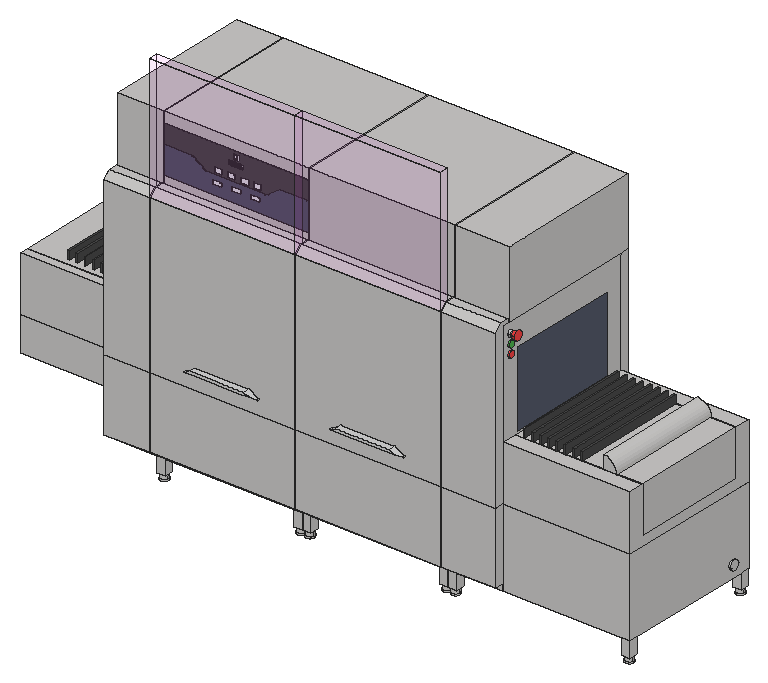
Revit family "QF_ELECTROLUXPROFESSIONAL_520731_EFTD052EL1U1M5L385AU", category Attrezzature speciali, Revit 2020
Family settings
  Quota connettore circolare = Usa diametro
  Tipo di parte = Normale
  Basato su piano di lavoro = No
  Sempre verticale = Sì
  Taglio con vuoti quando caricato = No
  Condiviso = No
  Punto di calcolo locali = No
Parameters (values of type "Standard")
  Weight = 663.00 kg
  Watts = 36500 W
  Volts = 380 V
  URL Manufacturer = "https://www.electroluxprofessional.com/"
  URL = "https://www.electroluxprofessional.com/"
  Steam Supply Size = 0 mm
  Steam Supply Minimum Pressure = 0.0 Pa
  Steam Supply Maximum Pressure = 0.0 Pa
  Steam Consumption per Hour = 0
  Show Logo [instance] = yes
  Show Clearance [instance] = yes
  Refrigeration Suction Line Size = 0 mm
  Refrigeration Liquid Line Size = 0 mm
  Refrigerant Compressor Remote = yes
  Prospetto di default = 0 mm
  Produttore = "Electrolux Professional"
  Phase = 3
  Modello = "EFTD052EL1U1M5L385AU"
  Length Actual = 3350 mm  # constant formula
  Item Number = "520731"
  Hot Water Size = 0 mm
  Height Actual = 1737 mm  # constant formula
  HP = "48.9 HP"
  Gas Size = 0 mm
  Gas KW = 0
  Gas Input Pressure = 0 W
  Direct Waste Size = 50.8 mm
  Descrizione = "FT, 1TANK, 5200D/H, EL., 750MM LOADING, 1000MM UNLOADING, 55MM CONVEYOR,L>R,380V50HZ3P,AUS"
  Depth Actual = 946 mm  # constant formula
  Cycle = 50 Hz
  Condensate Return Size = 0 mm
  Compressed Air Volume = 0.0 L/s
  Compressed Air Size = 0 mm
  Compressed Air Pressure = 0.0 Pa
  Cold Water Size = 0 mm
  Accessory = yes
Reference planes
  plane 1 "Centro (Fronte/Retro)": y = 0
  plane 2: z = 0
  plane 3 "Centro (Sinistra/Destra)": x = 0
  plane 4: z = 115
Forms (mm)
  Extrusion 1, solid, material "QF_Finishes_Stainless Steel"
    sketch origin (432.404, 2, 1806.023) x (1, 0, 0) y (0, 0, 1)
      loop
        line (407.596, -163.023) -> (407.596, -183.023) -> (427.596, -183.023) -> (427.596, -163.023) -> (407.596, -163.023)
    from 0 to 2
  Extrusion 2, solid, material "QF_Finishes_Stainless Steel"
    sketch origin (3355.617, -934.464, 1290.159) x (0, 0, -1) y (0, -1, 0)
      loop
        circle (1102.159, -772.464) r 25
    from -9.383 to 5.617
  Extrusion 3, solid, material "QF_Finishes_Stainless Steel"
    sketch origin (1092.404, 2, 337.984) x (1, 0, 0) y (0, 0, 1)
      loop
        line (407.596, -163.023) -> (407.596, -183.023) -> (427.596, -183.023) -> (427.596, -163.023) -> (407.596, -163.023)
    from 0 to 2
  Extrusion 4, solid, material "QF_Finishes_Stainless Steel"
    sketch origin (1597.841, 200.464, 109.383) x (1, 0, 0) y (0, 1, 0)
      loop
        circle (1102.159, -772.464) r 10
    from -9.383 to 5.617
Dimensions and locks
  plane 4 to level = 115 mm
  aligned and locked: level to plane 2
Nested families
  nested 1: "MODULO_CENTER_800" at (1133.563, -388.258, 0), Show Clearance <- "Show Clearance", type "MODULO_CENTER_800"
    with Show Logo yes, Show Clearance yes, R_L no, L_R yes
  nested 2: "MODULO_ENTRY_DISH_750" at (358.563, -388.258, 0), type "MODULO_ENTRY_DISH_750"
    with Show Logo yes, Show Clearance yes, R_L no, L_R yes
  nested 3: "MODULO_USCITA_DISH_1000" at (2708.563, -388.258, 0), type "MODULO_USCITA_DISH_1000"
    with Show Logo yes, Show Clearance yes, R_L yes, L_R no
  nested 4: "Piedino_Square_115H" at (3326.5, -73.5, 0) x (-1, 0, 0) z (0, 0, 1), type "Piedino_Square_115H"
  nested 5: "Piedino_Square_115H" at (3326.5, -838.5, 0) x (-1, 0, 0) z (0, 0, 1), type "Piedino_Square_115H"
  nested 6: "Piedino_Square_115H" at (2373.5, -73.5, 0) x (-1, 0, 0) z (0, 0, 1), type "Piedino_Square_115H"
  nested 7: "Piedino_Square_115H" at (2373.5, -838.5, 0) x (-1, 0, 0) z (0, 0, 1), type "Piedino_Square_115H"
  nested 8: "Piedino_Square_115H" at (1573.5, -838.5, 0), type "Piedino_Square_115H"
  nested 9: "Piedino_Square_115H" at (1573.5, -73.5, 0), type "Piedino_Square_115H"
  nested 10: "Piedino_Square_115H" at (2326.5, -838.5, 0), type "Piedino_Square_115H"
  nested 11: "Piedino_Square_115H" at (2326.5, -73.5, 0), type "Piedino_Square_115H"
  nested 12: "Piedino_Square_115H" at (773.5, -838.5, 0), type "Piedino_Square_115H"
  nested 13: "Piedino_Square_115H" at (773.5, -73.5, 0), type "Piedino_Square_115H"
  nested 14: "Piedino_Square_115H" at (1526.5, -838.5, 0), type "Piedino_Square_115H"
  nested 15: "Piedino_Square_115H" at (1526.5, -73.5, 0), type "Piedino_Square_115H"
  nested 16: "MANIGLIA_FLIGHT_400" at (1150, -912, 639.28) x (1, 0, 0) z (0, -1, 0), type "MANIGLIA_FLIGHT_400"
  nested 17: "MANIGLIA_FLIGHT_400" at (1950, -912, 639.28) x (1, 0, 0) z (0, -1, 0), type "MANIGLIA_FLIGHT_400"
  nested 18: "MODULO_CENTER_800" at (1966.437, -388.258, 0) x (-1, 0, 0) z (0, 0, 1), Show Clearance <- "Show Clearance", type "MODULO_CENTER_800"
    with Show Logo yes, Show Clearance yes, R_L no, L_R yes
  nested 19: "Schermo_Flight_800" at (1150, -815, 1583) x (1, 0, 0) z (0, -1, 0), type "Schermo_Flight_800"
  nested 20: "ELX_LOGO_WORDS_WHITE" at (1150, -816.6, 1668) x (1, 0, 0) z (0, -1, 0), Show Logo <- "Show Logo", visible <- "Show Logo", type "ELX_LOGO_WORDS_WHITE"
    with Show Logo yes
  nested 21: "ELX_LOGO_MONO_SMALL_WHITE" at (1140.08, -816.6, 1654) x (-1, 0, 0) z (0, -1, 0), Show Logo <- "Show Logo", visible <- "Show Logo", type "ELX_LOGO_MONO_SMALL_WHITE"
    with Show Logo yes
Connectors
  electrical at (850, 2, 1633)
    settings: on Extrusion 1, index 69, voltage 0 V, apparent load 0 VA, apparent load phase1 0 VA, apparent load phase2 0 VA, apparent load phase3 0 VA, power factor 1, load classification "Altro", number of poles 1, system type 30, power factor state 1, is connector primary yes, connector utility no, sub classification motor no, connector description "EI"
  piping at (3365, -162, 188), diameter 50
    settings: on Extrusion 2, index 70, connector inside diameter 609.6 mm, connector length 0 mm, flow factor 0, pipe flow 0.0 L/s, pressure drop 0.0 Pa, fitting loss kfactor 0, connector angle 0.00°, fixture units 0, engagement length 0 mm, angle of deflection 0.00°, flow configuration 0, flow direction 0, fitting loss method 0, system type 29, joint type 0, gender type 0, connector reference index -1, connector utility 0, adjustable connector no, is connector primary yes, connector description "D"
  electrical at (1510, 2, 164.961)
    settings: on Extrusion 3, index 71, voltage 0 V, apparent load 0 VA, apparent load phase1 0 VA, apparent load phase2 0 VA, apparent load phase3 0 VA, power factor 1, load classification "Altro", number of poles 1, system type 30, power factor state 1, is connector primary no, connector utility no, sub classification motor no, connector description "EQ"
  piping at (2700, -572, 100), diameter 19.1
    settings: on Extrusion 4, index 72, connector inside diameter 609.6 mm, connector length 0 mm, flow factor 0, pipe flow 0.0 L/s, pressure drop 0.0 Pa, fitting loss kfactor 0, connector angle 0.00°, fixture units 0, engagement length 0 mm, angle of deflection 0.00°, flow configuration 0, flow direction 0, fitting loss method 0, system type 29, joint type 0, gender type 0, connector reference index -1, connector utility 0, adjustable connector no, is connector primary no, connector description "HWI/CWI"
Definition of nested family "MODULO_CENTER_800"
  Parameters (values of type "MODULO_CENTER_800")
    URL = "http://professional.electrolux.com"
    Show Logo [instance] = yes
    R_L [instance] = not(L_R)  # no
    Default Elevation = 0 mm
    Manufacturer = "Electrolux"
    Model = "ESR10E5"
    Length Actual = 800 mm
    Show Clearance [instance] = yes
    L_R [instance] = yes
    Height Actual = 1792 mm
    Description = "SINGLE RINSE RT, 100R/H, ELECTRIC 50HZ"
    Depth Actual = 912 mm
  Reference planes
    plane 1 "Center X": y = -67.742
    plane 2: z = 0
    plane 3 "LEFT": x = -383.563
    plane 4 "RIGHT": x = 416.437
    plane 5 "BACK": y = 388.258
    plane 6 "FEET": z = 115
    plane 7: z = 2092
    plane 8 "TOP": z = 1792
    plane 9 "FRONT": y = -523.742
    plane 10 "Left/Right": x = 16.437
  Forms (mm)
    Extrusion 1, solid
      sketch origin (416.437, 479.936, 4000) x (0, 1, 0) y (0, 0, 1)
        loop
          line (-91.678, -2208) -> (-906.678, -2208) -> (-906.678, -2580) -> (-91.678, -2580) -> (-91.678, -2208)
      from -800 to 0
    Extrusion 2, solid
      sketch origin (-383.563, 437.565, 3915) x (0, 1, 0) y (0, 0, 1)
        loop
          line (-99.307, -2495) -> (-911.307, -2495) -> (-911.307, -3557) -> (-99.307, -3557) -> (-99.307, -2495)
      from 800 to 0
    Extrusion 3, solid
      sketch origin (16.437, 0, 1.5) x (0, 0, 1) y (0, -1, 0)
        loop
          line (356.5, -338.258) -> (356.5, 473.742) -> (113.5, 473.742) -> (113.5, -338.258) -> (356.5, -338.258)
      from 400 to -400
    Extrusion 4, solid
      sketch origin (16.437, 0, 0) x (0, 0, 1) y (0, -1, 0)
        loop
          line (1420, -338.258) -> (545, -338.258) -> (545, -388.258) -> (1420, -388.258) -> (1420, -338.258)
      from -400 to 400
    Extrusion 5, solid
      sketch origin (16.437, 0, 0) x (0, 0, 1) y (0, -1, 0)
        loop
          line (545, -388.258) -> (545, -338.258) -> (154, -338.258) -> (154, -388.258) -> (545, -388.258)
      from -400 to 400
    Extrusion 6, solid
      sketch origin (16.437, -882.484, -150) x (0, -1, 0) y (0, 0, 1)
        loop
          line (-358.742, 304) -> (-358.742, 695) -> (-408.742, 695) -> (-408.742, 304) -> (-358.742, 304)
      from -400 to 400
    Extrusion 7, solid
      sketch origin (16.437, -882.484, -151) x (0, -1, 0) y (0, 0, 1)
        loop
          line (-408.742, 1571) -> (-408.742, 696) -> (-358.742, 696) -> (-358.742, 1556) -> (-395.742, 1593) -> (-443.742, 1593) -> (-443.742, 1571) -> (-408.742, 1571)
      from -400 to 400
    Extrusion 8, solid, visible <- "Show Clearance"
      sketch origin (16.437, -882.484, 452) x (0, -1, 0) y (0, 0, 1)
        loop
          line (-408.742, 1640) -> (-408.742, 953.624) -> (-358.742, 953.624) -> (-358.742, 1640) -> (-408.742, 1640)
      from -400 to 400
  Dimensions and locks
    plane 3 "LEFT" to plane 4 "RIGHT" = 800 mm
    plane 5 "BACK" to plane 1 "Center X" to plane 9 "FRONT" = 456 mm, 456 mm
    plane 6 "FEET" to level = 115 mm  (x2)
    plane 6 "FEET" to plane 8 "TOP" = 1677 mm
    plane 5 "BACK" to plane 9 "FRONT" = 912 mm  (x2)
    plane 4 "RIGHT" to plane 3 "LEFT" = 800 mm
    plane 9 "FRONT" to plane 5 "BACK" = 912 mm
    level to plane 8 "TOP" = 1792 mm  (x2)
    plane 7 to level = 2092 mm
    plane 7 to plane 2 = 2092 mm
    Extrusion 2 to level = 1420 mm
    Extrusion 7 to level = 1442 mm
    aligned and locked: level to plane 2
Definition of nested family "MODULO_ENTRY_DISH_750"
  Parameters (values of type "MODULO_ENTRY_DISH_750")
    URL = "http://professional.electrolux.com"
    Show Logo [instance] = yes
    R_L [instance] = not(L_R)  # no
    Default Elevation = 0 mm
    Manufacturer = "Electrolux"
    Model = "ESR10E5"
    Length Actual = 800 mm
    Show Clearance [instance] = yes
    L_R [instance] = yes
    Height Actual = 1792 mm
    Description = "SINGLE RINSE RT, 100R/H, ELECTRIC 50HZ"
    Depth Actual = 912 mm
  Reference planes
    plane 1 "Center (Front/Back)": y = -67.742
    plane 2: z = 0
    plane 3 "LEFT": x = -358.563
    plane 4 "RIGHT": x = 391.437
    plane 5 "BACK": y = 388.258
    plane 6 "FRONT": y = -523.742
    plane 7 "Left/Right": x = 16.437
    plane 8 "BUTTONS": y = -427.742
    plane 9: z = 115
    plane 10 "2": y = 292.258
  Forms (mm)
    Extrusion 1, solid, visible <- "L_R"
      sketch origin (391.437, 479.936, 4000) x (0, 1, 0) y (0, 0, 1)
        loop
          line (-91.678, -2208) -> (-906.678, -2208) -> (-906.678, -2580) -> (-91.678, -2580) -> (-91.678, -2208)
      from -250 to 0
    Extrusion 2, solid
      sketch origin (-358.563, 437.565, 3910) x (0, 1, 0) y (0, 0, 1)
        loop
          line (-99.307, -2490) -> (-911.307, -2490) -> (-911.307, -3552) -> (-99.307, -3552) -> (-99.307, -2490)
      from 750 to 500
    Extrusion 3, solid
      sketch origin (-358.563, 437.565, 3910) x (0, 1, 0) y (0, 0, 1)
        loop
          line (-99.307, -3365) -> (-99.307, -3060) -> (-149.307, -3060) -> (-149.307, -3315) -> (-861.307, -3315) -> (-861.307, -3060) -> (-911.307, -3060) -> (-911.307, -3365) -> (-99.307, -3365)
      from 500 to 0
    Extrusion 4, solid
      sketch origin (16.437, 0, -4.987) x (0, 0, 1) y (0, -1, 0)
        loop
          line (362.987, -338.258) -> (362.987, 473.742) -> (119.987, 473.742) -> (119.987, -338.258) -> (362.987, -338.258)
      from 375 to 125
    Extrusion 5, solid, visible <- "L_R"
      sketch origin (16.437, 0, 0) x (0, 0, 1) y (0, -1, 0)
        loop
          line (1420, -338.258) -> (545, -338.258) -> (545, -388.258) -> (1420, -388.258) -> (1420, -338.258)
      from 125 to 375
    Extrusion 6, solid
      sketch origin (16.437, 0, 0) x (0, 0, 1) y (0, -1, 0)
        loop
          line (545, -388.258) -> (545, -338.258) -> (154, -338.258) -> (154, -388.258) -> (545, -388.258)
      from 125 to 375
    Extrusion 7, solid
      sketch origin (-358.563, 437.565, 3607.258) x (0, 1, 0) y (0, 0, 1)
        loop
          line (-99.307, -3249.258) -> (-99.307, -3062.258) -> (-911.307, -3062.258) -> (-911.307, -3249.258) -> (-99.307, -3249.258)
      from 500 to 0
    Extrusion 8, solid
      sketch origin (-358.563, 437.565, 4000) x (0, 1, 0) y (0, 0, 1)
        loop
          line (-149.307, -3150) -> (-861.307, -3150) -> (-861.307, -3405) -> (-149.307, -3405) -> (-149.307, -3150)
      from 0 to 500
    Extrusion 9, solid
      sketch origin (266.437, -882.484, -150) x (0, -1, 0) y (0, 0, 1)
        loop
          line (-358.742, 304) -> (-358.742, 695) -> (-408.742, 695) -> (-408.742, 304) -> (-358.742, 304)
      from -125 to 125
    Extrusion 10, solid, visible <- "L_R"
      sketch origin (266.437, -882.484, -151) x (0, -1, 0) y (0, 0, 1)
        loop
          line (-408.742, 1571) -> (-408.742, 696) -> (-358.742, 696) -> (-358.742, 1556) -> (-395.742, 1593) -> (-443.742, 1593) -> (-443.742, 1571) -> (-408.742, 1571)
      from -125 to 125
    Extrusion 11, solid
      sketch origin (-358.563, 437.565, 4000) x (0, 1, 0) y (0, 0, 1)
        loop
          line (-199.307, -2725.701) -> (-811.307, -2725.701) -> (-811.307, -3137.701) -> (-199.307, -3137.701) -> (-199.307, -2725.701)
      from 495.458 to 500
    Extrusion 12, solid, visible <- "R_L"
      sketch origin (266.437, 747, -151) x (0, 1, 0) y (0, 0, -1)
        loop
          line (-408.742, -1571) -> (-443.742, -1571) -> (-443.742, -1593) -> (-395.742, -1593) -> (-358.742, -1556) -> (-358.742, -696) -> (-408.742, -696) -> (-408.742, -1571)
      from -125 to 125
    Extrusion 13, solid, visible <- "R_L"
      sketch origin (16.437, -135.484, 0) x (0, 0, 1) y (0, -1, 0)
        loop
          line (1420, 338.258) -> (1420, 388.258) -> (545, 388.258) -> (545, 338.258) -> (1420, 338.258)
      from 125 to 375
    Extrusion 14, solid, visible <- "R_L"
      sketch origin (391.437, -615.42, 4000) x (0, -1, 0) y (0, 0, -1)
        loop
          line (-91.678, 2208) -> (-91.678, 2580) -> (-906.678, 2580) -> (-906.678, 2208) -> (-91.678, 2208)
      from -250 to 0
    Extrusion 15, solid
      sketch origin (-191.477, -192.742, -3) x (-1, 0, 0) y (0, 0, 1)
        loop
          line (-26.676, 853) -> (-26.676, 898) -> (-36.676, 898) -> (-36.676, 853) -> (-26.676, 853)
      from -196 to 446
    Extrusion 16, solid
      sketch origin (-146.477, -192.742, -3) x (-1, 0, 0) y (0, 0, 1)
        loop
          line (-26.676, 853) -> (-26.676, 898) -> (-36.676, 898) -> (-36.676, 853) -> (-26.676, 853)
      from -196 to 446
    Extrusion 17, solid
      sketch origin (-101.477, -192.742, -3) x (-1, 0, 0) y (0, 0, 1)
        loop
          line (-26.676, 853) -> (-26.676, 898) -> (-36.676, 898) -> (-36.676, 853) -> (-26.676, 853)
      from -196 to 446
    Extrusion 18, solid
      sketch origin (-56.477, -192.742, -3) x (-1, 0, 0) y (0, 0, 1)
        loop
          line (-26.676, 853) -> (-26.676, 898) -> (-36.676, 898) -> (-36.676, 853) -> (-26.676, 853)
      from -196 to 446
    Extrusion 19, solid
      sketch origin (-11.477, -192.742, -3) x (-1, 0, 0) y (0, 0, 1)
        loop
          line (-26.676, 853) -> (-26.676, 898) -> (-36.676, 898) -> (-36.676, 853) -> (-26.676, 853)
      from -196 to 446
    Extrusion 20, solid
      sketch origin (33.523, -192.742, -3) x (-1, 0, 0) y (0, 0, 1)
        loop
          line (-26.676, 853) -> (-26.676, 898) -> (-36.676, 898) -> (-36.676, 853) -> (-26.676, 853)
      from -196 to 446
  Dimensions and locks
    plane 3 "LEFT" to plane 4 "RIGHT" = 750 mm
    plane 5 "BACK" to plane 1 "Center (Front/Back)" to plane 6 "FRONT" = 456 mm, 456 mm
    plane 5 "BACK" to plane 6 "FRONT" = 912 mm  (x2)
    plane 4 "RIGHT" to plane 3 "LEFT" = 750 mm  (x2)
    plane 6 "FRONT" to plane 5 "BACK" = 912 mm
    plane 9 to level = 115 mm
    Extrusion 1 to level = 1792 mm
    Extrusion 3 to level = 850 mm
    aligned and locked: level to plane 2
  Nested families
    nested 1: "BOTTONE_RED_STOP" at (141.437, -427.742, 1266.906) x (0, -1, 0) z (-1, 0, 0), visible <- "L_R", type "BOTTONE_RED_STOP"
    nested 2: "BOTTONE_EMERGENCY_STOP" at (141.437, -427.742, 1370) x (0, -1, 0) z (-1, 0, 0), visible <- "L_R", type "BOTTONE_EMERGENCY_STOP"
    nested 3: "BOTTONE_GREEN_START" at (141.437, -427.742, 1316.906) x (0, -1, 0) z (-1, 0, 0), visible <- "L_R", type "BOTTONE_GREEN_START"
    nested 4: "BOTTONE_RED_STOP" at (141.437, 292.258, 1267.906) x (0, 1, 0) z (-1, 0, 0), visible <- "R_L", type "BOTTONE_RED_STOP"
    nested 5: "BOTTONE_EMERGENCY_STOP" at (141.437, 292.258, 1371) x (0, 1, 0) z (-1, 0, 0), visible <- "R_L", type "BOTTONE_EMERGENCY_STOP"
    nested 6: "BOTTONE_GREEN_START" at (141.437, 292.258, 1317.906) x (0, 1, 0) z (-1, 0, 0), visible <- "R_L", type "BOTTONE_GREEN_START"
  Definition of nested family "BOTTONE_RED_STOP"
    Parameters (values of type "BOTTONE_RED_STOP")
      Default Elevation = 1219.2 mm
    Reference planes
      plane 1 "Centro (Fronte/Retro)": y = 0
      plane 2: z = 0
      plane 3 "Centro (Sinistra/Destra)": x = 0
    Forms (mm)
      Extrusion 1, solid
        sketch origin (0, 0, 0) x (1, 0, 0) y (0, 1, 0)
          loop
            line (-1219.2, 1219.2) -> (-1219.2, -1219.2) -> (1219.2, -1219.2) -> (1219.2, 1219.2) -> (-1219.2, 1219.2)
        from 0 to -304.8
      Extrusion 2, solid
        sketch origin (-367.513, 69.533, 15) x (-1, 0, 0) y (0, 1, 0)
          loop
            circle (-367.513, -69.533) r 15
        from 0 to 15
    Dimensions and locks
      aligned and locked: plane 2 to Extrusion 1
      aligned and locked: level to Extrusion 1
  Definition of nested family "BOTTONE_EMERGENCY_STOP"
    Parameters
      Default Elevation = 1219.2 mm
    Reference planes
      plane 1 "Centro (Fronte/Retro)": y = 0
      plane 2: z = 0
      plane 3 "Centro (Sinistra/Destra)": x = 0
    Forms (mm)
      Extrusion 1, solid
        sketch origin (0, 0, 0) x (1, 0, 0) y (0, 1, 0)
          loop
            line (-1219.2, 1219.2) -> (-1219.2, -1219.2) -> (1219.2, -1219.2) -> (1219.2, 1219.2) -> (-1219.2, 1219.2)
        from 0 to -304.8
      Extrusion 2, solid
        sketch origin (0, 0, 0) x (1, 0, 0) y (0, 1, 0)
          loop
            circle (0, 0) r 15
        from 0 to 20.273
      Blend 3, solid
        base sketch origin (-49.801, 0, 0) x (1, 0, 0) y (0, 1, 0)
          loop
            circle (49.801, 0) r 15
        top sketch origin (-49.801, 0, 0) x (1, 0, 0) y (0, 1, 0)
          loop
            circle (49.801, 0) r 25
        from 20.273 to 47.605
    Dimensions and locks
      aligned and locked: plane 2 to Extrusion 1
      aligned and locked: level to Extrusion 1
  Definition of nested family "BOTTONE_GREEN_START"
    Parameters (values of type "BOTTONE_GREEN_START")
      Default Elevation = 1219.2 mm
    Reference planes
      plane 1 "Centro (Fronte/Retro)": y = 0
      plane 2: z = 0
      plane 3 "Centro (Sinistra/Destra)": x = 0
    Forms (mm)
      Extrusion 1, solid
        sketch origin (0, 0, 0) x (1, 0, 0) y (0, 1, 0)
          loop
            line (-1219.2, 1219.2) -> (-1219.2, -1219.2) -> (1219.2, -1219.2) -> (1219.2, 1219.2) -> (-1219.2, 1219.2)
        from 0 to -304.8
      Extrusion 2, solid
        sketch origin (-367.513, 69.533, 15) x (-1, 0, 0) y (0, 1, 0)
          loop
            circle (-367.513, -69.533) r 15
        from 0 to 15
    Dimensions and locks
      aligned and locked: plane 2 to Extrusion 1
      aligned and locked: level to Extrusion 1
Definition of nested family "MODULO_USCITA_DISH_1000"
  Parameters (values of type "MODULO_USCITA_DISH_1000")
    URL = "http://professional.electrolux.com"
    Show Logo [instance] = yes
    R_L [instance] = not(L_R)  # yes
    Default Elevation = 0 mm
    Manufacturer = "Electrolux"
    Model = "ESR10E5"
    Length Actual = 800 mm
    Show Clearance [instance] = yes
    L_R [instance] = no
    Height Actual = 1792 mm
    Description = "SINGLE RINSE RT, 100R/H, ELECTRIC 50HZ"
    Depth Actual = 912 mm
  Reference planes
    plane 1 "Center (Front/Back)": y = -67.742
    plane 2: z = 0
    plane 3 "LEFT": x = -358.563
    plane 4 "BACK": y = 388.258
    plane 5 "FEET": z = 115
    plane 6 "TOP": z = 1792
    plane 7 "FRONT": y = -523.742
    plane 8 "Left/Right": x = 16.437
    plane 9: x = -358.563
    plane 10: y = -427.742
    plane 11 "RIGHT": x = 641.437
  Forms (mm)
    Extrusion 1, solid, visible <- "R_L"
      sketch origin (-358.563, 479.936, 4003) x (0, 1, 0) y (0, 0, -1)
        loop
          line (-91.678, 2211) -> (-91.678, 2583) -> (-906.678, 2583) -> (-906.678, 2211) -> (-91.678, 2211)
      from -300 to 0
    Extrusion 2, solid
      sketch origin (-358.563, 437.565, 4003) x (0, 1, 0) y (0, 0, 1)
        loop
          line (-99.307, -3458) -> (-911.307, -3458) -> (-911.307, -3888) -> (-99.307, -3888) -> (-99.307, -3458)
      from 300 to 0
    Extrusion 3, solid
      sketch origin (-358.563, 479.936, 4003) x (0, 1, 0) y (0, 0, -1)
        loop
          line (-141.678, 2583) -> (-141.678, 3458) -> (-953.678, 3458) -> (-953.678, 2583) -> (-141.678, 2583)
      from -300 to 0
    Extrusion 4, solid
      sketch origin (391.437, 437.565, 3913) x (0, 1, 0) y (0, 0, -1)
        loop
          line (-99.307, 3368) -> (-911.307, 3368) -> (-911.307, 3063) -> (-826.307, 3063) -> (-826.307, 3318) -> (-184.307, 3318) -> (-184.307, 3063) -> (-99.307, 3063) -> (-99.307, 3368)
      from 450 to -250
    Extrusion 5, solid, visible <- "R_L"
      sketch origin (16.437, 0, 3) x (0, 0, 1) y (0, 1, 0)
        loop
          line (1417, 338.258) -> (1417, 388.258) -> (542, 388.258) -> (542, 338.258) -> (1417, 338.258)
      from 75 to 375
    Extrusion 6, solid
      sketch origin (16.437, 0, 3) x (0, 0, 1) y (0, 1, 0)
        loop
          line (542, 388.258) -> (151, 388.258) -> (151, 338.258) -> (542, 338.258) -> (542, 388.258)
      from 75 to 375
    Extrusion 7, solid
      sketch origin (391.437, 437.565, 3610.258) x (0, 1, 0) y (0, 0, -1)
        loop
          line (-99.307, 3495.258) -> (-911.307, 3495.258) -> (-911.307, 3065.258) -> (-99.307, 3065.258) -> (-99.307, 3495.258)
      from 450 to -250
    Extrusion 8, solid
      sketch origin (641.437, 0, 3) x (0, 1, 0) y (0, 0, 1)
        loop
          line (253.258, 847) -> (-388.742, 847) -> (-388.742, 592) -> (253.258, 592) -> (253.258, 847)
      from 0 to -700
    Extrusion 9, solid
      sketch origin (-358.563, 437.565, 3928) x (0, 1, 0) y (0, 0, 1)
        loop
          line (-811.307, -3065.701) -> (-199.307, -3065.701) -> (-199.307, -2653.701) -> (-811.307, -2653.701) -> (-811.307, -3065.701)
      from 300 to 304.77
    Extrusion 10, solid
      sketch origin (-208.563, -115, -147) x (0, 1, 0) y (0, 0, 1)
        loop
          line (-358.742, 301) -> (-358.742, 692) -> (-408.742, 692) -> (-408.742, 301) -> (-358.742, 301)
      from -150 to 150
    Extrusion 11, solid, visible <- "R_L"
      sketch origin (-208.563, -882.484, -151) x (0, -1, 0) y (0, 0, 1)
        loop
          line (-408.742, 1571) -> (-408.742, 696) -> (-358.742, 696) -> (-358.742, 1556) -> (-395.742, 1593) -> (-443.742, 1593) -> (-443.742, 1571) -> (-408.742, 1571)
      from -150 to 150
    Extrusion 12, solid
      sketch origin (-39.574, -192.742, -3) x (-1, 0, 0) y (0, 0, 1)
        loop
          line (-26.676, 853) -> (-26.676, 898) -> (-36.676, 898) -> (-36.676, 853) -> (-26.676, 853)
      from -196 to 446
    Extrusion 13, solid
      sketch origin (5.426, -192.742, -3) x (-1, 0, 0) y (0, 0, 1)
        loop
          line (-26.676, 853) -> (-26.676, 898) -> (-36.676, 898) -> (-36.676, 853) -> (-26.676, 853)
      from -196 to 446
    Extrusion 14, solid
      sketch origin (50.426, -192.742, -3) x (-1, 0, 0) y (0, 0, 1)
        loop
          line (-26.676, 853) -> (-26.676, 898) -> (-36.676, 898) -> (-36.676, 853) -> (-26.676, 853)
      from -196 to 446
    Extrusion 15, solid
      sketch origin (95.426, -192.742, -3) x (-1, 0, 0) y (0, 0, 1)
        loop
          line (-26.676, 853) -> (-26.676, 898) -> (-36.676, 898) -> (-36.676, 853) -> (-26.676, 853)
      from -196 to 446
    Extrusion 16, solid
      sketch origin (140.426, -192.742, -3) x (-1, 0, 0) y (0, 0, 1)
        loop
          line (-26.676, 853) -> (-26.676, 898) -> (-36.676, 898) -> (-36.676, 853) -> (-26.676, 853)
      from -196 to 446
    Extrusion 17, solid
      sketch origin (185.426, -192.742, -3) x (-1, 0, 0) y (0, 0, 1)
        loop
          line (-26.676, 853) -> (-26.676, 898) -> (-36.676, 898) -> (-36.676, 853) -> (-26.676, 853)
      from -196 to 446
    Extrusion 18, solid
      sketch origin (230.426, -192.742, -3) x (-1, 0, 0) y (0, 0, 1)
        loop
          line (-26.676, 853) -> (-26.676, 898) -> (-36.676, 898) -> (-36.676, 853) -> (-26.676, 853)
      from -196 to 446
    Extrusion 19, solid
      sketch origin (275.426, -192.742, -3) x (-1, 0, 0) y (0, 0, 1)
        loop
          line (-26.676, 853) -> (-26.676, 898) -> (-36.676, 898) -> (-36.676, 853) -> (-26.676, 853)
      from -196 to 446
    Revolve 20, solid
      sketch origin (0, 0, 850) x (1, 0, 0) y (0, 1, 0)
        loop
          line (430.204, 253.258) -> (430.204, -388.742) -> (502.335, -388.742) -> (502.335, 253.258) -> (430.204, 253.258)
        axis (430.204, 253.258) -> (430.204, -388.742)
      angle from 0 to -90
    Extrusion 21, solid, visible <- "L_R"
      sketch origin (-208.563, 747, -151) x (0, 1, 0) y (0, 0, -1)
        loop
          line (-408.742, -1571) -> (-443.742, -1571) -> (-443.742, -1593) -> (-395.742, -1593) -> (-358.742, -1556) -> (-358.742, -696) -> (-408.742, -696) -> (-408.742, -1571)
      from -150 to 150
    Extrusion 22, solid, visible <- "L_R"
      sketch origin (16.437, -135.484, 3) x (0, 0, 1) y (0, 1, 0)
        loop
          line (1417, -338.258) -> (542, -338.258) -> (542, -388.258) -> (1417, -388.258) -> (1417, -338.258)
      from 75 to 375
    Extrusion 23, solid, visible <- "L_R"
      sketch origin (-358.563, -615.42, 4003) x (0, -1, 0) y (0, 0, 1)
        loop
          line (-91.678, -2211) -> (-906.678, -2211) -> (-906.678, -2583) -> (-91.678, -2583) -> (-91.678, -2211)
      from -300 to 0
  Dimensions and locks
    plane 4 "BACK" to plane 1 "Center (Front/Back)" to plane 7 "FRONT" = 456 mm, 456 mm
    plane 5 "FEET" to level = 115 mm  (x2)
    plane 4 "BACK" to plane 7 "FRONT" = 912 mm  (x2)
    plane 7 "FRONT" to plane 4 "BACK" = 912 mm
    level to plane 6 "TOP" = 1792 mm
    plane 3 "LEFT" to plane 8 "Left/Right" = 375 mm
    plane 8 "Left/Right" to plane 11 "RIGHT" = 625 mm
    plane 3 "LEFT" to plane 11 "RIGHT" = 1000 mm
    plane 9 to plane 11 "RIGHT" = 1000 mm
    plane 6 "TOP" to level = 1792 mm
    aligned and locked: level to plane 2
  Nested families
    nested 1: "BOTTONE_EMERGENCY_STOP" at (-58.563, -427.742, 1369) x (0, -1, 0) z (1, 0, 0), visible <- "R_L", type "BOTTONE_EMERGENCY_STOP"
    nested 2: "BOTTONE_GREEN_START" at (-58.563, -427.742, 1315.906) x (0, -1, 0) z (1, 0, 0), visible <- "R_L", type "BOTTONE_GREEN_START"
    nested 3: "BOTTONE_RED_STOP" at (-58.563, -427.742, 1265.906) x (0, -1, 0) z (1, 0, 0), visible <- "R_L", type "BOTTONE_RED_STOP"
    nested 4: "BOTTONE_EMERGENCY_STOP" at (-58.563, 292.258, 1369) x (0, 1, 0) z (1, 0, 0), visible <- "L_R", type "BOTTONE_EMERGENCY_STOP"
    nested 5: "BOTTONE_GREEN_START" at (-58.563, 292.258, 1315.906) x (0, 1, 0) z (1, 0, 0), visible <- "L_R", type "BOTTONE_GREEN_START"
    nested 6: "BOTTONE_RED_STOP" at (-58.563, 292.258, 1265.906) x (0, 1, 0) z (1, 0, 0), visible <- "L_R", type "BOTTONE_RED_STOP"
  Definition of nested family "BOTTONE_EMERGENCY_STOP"
    Parameters
      Default Elevation = 1219.2 mm
    Reference planes
      plane 1 "Centro (Fronte/Retro)": y = 0
      plane 2: z = 0
      plane 3 "Centro (Sinistra/Destra)": x = 0
    Forms (mm)
      Extrusion 1, solid
        sketch origin (0, 0, 0) x (1, 0, 0) y (0, 1, 0)
          loop
            line (-1219.2, 1219.2) -> (-1219.2, -1219.2) -> (1219.2, -1219.2) -> (1219.2, 1219.2) -> (-1219.2, 1219.2)
        from 0 to -304.8
      Extrusion 2, solid
        sketch origin (0, 0, 0) x (1, 0, 0) y (0, 1, 0)
          loop
            circle (0, 0) r 15
        from 0 to 20.273
      Blend 3, solid
        base sketch origin (-49.801, 0, 0) x (1, 0, 0) y (0, 1, 0)
          loop
            circle (49.801, 0) r 15
        top sketch origin (-49.801, 0, 0) x (1, 0, 0) y (0, 1, 0)
          loop
            circle (49.801, 0) r 25
        from 20.273 to 47.605
    Dimensions and locks
      aligned and locked: plane 2 to Extrusion 1
      aligned and locked: level to Extrusion 1
  Definition of nested family "BOTTONE_GREEN_START"
    Parameters (values of type "BOTTONE_GREEN_START")
      Default Elevation = 1219.2 mm
    Reference planes
      plane 1 "Centro (Fronte/Retro)": y = 0
      plane 2: z = 0
      plane 3 "Centro (Sinistra/Destra)": x = 0
    Forms (mm)
      Extrusion 1, solid
        sketch origin (0, 0, 0) x (1, 0, 0) y (0, 1, 0)
          loop
            line (-1219.2, 1219.2) -> (-1219.2, -1219.2) -> (1219.2, -1219.2) -> (1219.2, 1219.2) -> (-1219.2, 1219.2)
        from 0 to -304.8
      Extrusion 2, solid
        sketch origin (-367.513, 69.533, 15) x (-1, 0, 0) y (0, 1, 0)
          loop
            circle (-367.513, -69.533) r 15
        from 0 to 15
    Dimensions and locks
      aligned and locked: plane 2 to Extrusion 1
      aligned and locked: level to Extrusion 1
  Definition of nested family "BOTTONE_RED_STOP"
    Parameters (values of type "BOTTONE_RED_STOP")
      Default Elevation = 1219.2 mm
    Reference planes
      plane 1 "Centro (Fronte/Retro)": y = 0
      plane 2: z = 0
      plane 3 "Centro (Sinistra/Destra)": x = 0
    Forms (mm)
      Extrusion 1, solid
        sketch origin (0, 0, 0) x (1, 0, 0) y (0, 1, 0)
          loop
            line (-1219.2, 1219.2) -> (-1219.2, -1219.2) -> (1219.2, -1219.2) -> (1219.2, 1219.2) -> (-1219.2, 1219.2)
        from 0 to -304.8
      Extrusion 2, solid
        sketch origin (-367.513, 69.533, 15) x (-1, 0, 0) y (0, 1, 0)
          loop
            circle (-367.513, -69.533) r 15
        from 0 to 15
    Dimensions and locks
      aligned and locked: plane 2 to Extrusion 1
      aligned and locked: level to Extrusion 1
Definition of nested family "Piedino_Square_115H"
  Parameters (values of type "Piedino_Square_115H")
    Default Elevation = 0 mm
  Reference planes
    plane 1 "Centro (Fronte/Retro)": y = 0
    plane 2: z = 0
    plane 3 "Centro (Sinistra/Destra)": x = 0
    plane 4: z = 115
  Forms (mm)
    Extrusion 1, solid
      sketch origin (0, 0, 0) x (1, 0, 0) y (0, 1, 0)
        loop
          circle (0, 0) r 23
      from 0 to 5
    Extrusion 2, solid
      sketch origin (0, 0, 5) x (1, 0, 0) y (0, 1, 0)
        loop
          circle (0, 0) r 20
      from 0 to 25.777
    Extrusion 3, solid
      sketch origin (0, 0, 30.777) x (1, 0, 0) y (0, 1, 0)
        loop
          line (-23.5, 23.5) -> (-23.5, -23.5) -> (23.5, -23.5) -> (23.5, 23.5) -> (-23.5, 23.5)
      from 0 to 84.223
  Dimensions and locks
    plane 4 to level = 115 mm  (x2)
    radius of Extrusion 1 sketch curve = 23 mm
    aligned and locked: level to plane 2
    aligned and locked: Extrusion 1 to level
Definition of nested family "MANIGLIA_FLIGHT_400"
  Parameters
    Default Elevation = 1219.2 mm
  Reference planes
    plane 1 "Centro (Fronte/Retro)": y = 0
    plane 2: z = 0
    plane 3 "Centro (Sinistra/Destra)": x = 0
  Forms (mm)
    Extrusion 1, solid
      sketch origin (0, 0, 0) x (1, 0, 0) y (0, 1, 0)
        loop
          line (-1219.2, 1219.2) -> (-1219.2, -1219.2) -> (1219.2, -1219.2) -> (1219.2, 1219.2) -> (-1219.2, 1219.2)
      from 0 to -304.8
    Extrusion 2, solid
      sketch origin (-503, 656.113, -50) x (-1, 0, 0) y (0, 1, 0)
        loop
          line (-651.038, -638.613) -> (-703, -668.613) -> (-703, -673.613) -> (-658.503, -673.613) -> (-623.862, -653.613) -> (-382.138, -653.613) -> (-347.497, -673.613) -> (-303, -673.613) -> (-303, -668.613) -> (-354.962, -638.613) -> (-651.038, -638.613)
      from -86.258 to -50
    Extrusion 3, void
      sketch origin (0, -681.887, 358.742) x (0, 0, 1) y (0, 1, 0)
        loop
          line (-322.484, 684.387) -> (-353.281, 664.387) -> (-322.484, 664.387) -> (-322.484, 684.387)
      from -200 to 200
  Cuts and joins
    Extrusion 3 cuts Extrusion 2
  Dimensions and locks
    cut or joined group of Extrusion 2, Extrusion 3 to cut or joined group of Extrusion 2, Extrusion 3 = 400 mm
    cut or joined group of Extrusion 2, Extrusion 3 to cut or joined group of Extrusion 2, Extrusion 3 = 35 mm
    aligned and locked: plane 2 to Extrusion 1
    aligned and locked: level to Extrusion 1
Definition of nested family "Schermo_Flight_800"
  Parameters (values of type "Schermo_Flight_800")
    Default Elevation = 1219.2 mm
  Reference planes
    plane 1 "Center (Front/Back)": y = 0
    plane 2: z = 0
    plane 3 "Center (Left/Right)": x = 0
  Forms (mm)
    Extrusion 1, solid
      sketch origin (0, 0, 0) x (1, 0, 0) y (0, 1, 0)
        loop
          line (-1219.2, 1219.2) -> (-1219.2, -1219.2) -> (1219.2, -1219.2) -> (1219.2, 1219.2) -> (-1219.2, 1219.2)
      from 0 to -304.8
    Extrusion 2, solid
      sketch origin (0, -25, 0) x (1, 0, 0) y (0, 1, 0)
        loop
          line (-400, -82.94) -> (400, -82.94) -> (400, 70.507) -> (238.561, 70.507) -> (167.154, 20.507) -> (-167.154, 20.507) -> (-238.561, 70.507) -> (-400, 70.507) -> (-400, -82.94)
        loop
          line (-126.915, -7.668) -> (-126.915, -27.668) -> (-81.915, -27.668) -> (-81.915, -7.668) -> (-126.915, -7.668)
        loop
          line (-22.5, -7.668) -> (-22.5, -27.668) -> (22.5, -27.668) -> (22.5, -7.668) -> (-22.5, -7.668)
        loop
          line (126.915, -7.668) -> (81.915, -7.668) -> (81.915, -27.668) -> (126.915, -27.668) -> (126.915, -7.668)
      from 0 to 1.6
    Extrusion 3, solid
      sketch origin (0, -25, 0) x (1, 0, 0) y (0, 1, 0)
        loop
          line (-400, 177.06) -> (-400, 70.507) -> (-238.561, 70.507) -> (-167.154, 20.507) -> (167.154, 20.507) -> (238.561, 70.507) -> (400, 70.507) -> (400, 177.06) -> (-400, 177.06)
        loop
          line (-117.417, 56.68) -> (-117.417, 31.68) -> (-77.417, 31.68) -> (-77.417, 56.68) -> (-117.417, 56.68)
        loop
          line (-47.417, 56.68) -> (-47.417, 31.68) -> (-7.417, 31.68) -> (-7.417, 56.68) -> (-47.417, 56.68)
        loop
          line (27.583, 56.68) -> (27.583, 31.68) -> (67.583, 31.68) -> (67.583, 56.68) -> (27.583, 56.68)
        loop
          line (97.583, 56.68) -> (97.583, 31.68) -> (137.583, 31.68) -> (137.583, 56.68) -> (97.583, 56.68)
      from 0 to 1.6
    Extrusion 4, solid
      sketch origin (0, 0, 0) x (1, 0, 0) y (0, 1, 0)
        loop
          line (-117.417, 31.68) -> (-117.417, 6.68) -> (-77.417, 6.68) -> (-77.417, 31.68) -> (-117.417, 31.68)
        loop
          line (-47.417, 31.68) -> (-47.417, 6.68) -> (-7.417, 6.68) -> (-7.417, 31.68) -> (-47.417, 31.68)
        loop
          line (27.583, 31.68) -> (27.583, 6.68) -> (67.583, 6.68) -> (67.583, 31.68) -> (27.583, 31.68)
        loop
          line (97.583, 31.68) -> (97.583, 6.68) -> (137.583, 6.68) -> (137.583, 31.68) -> (97.583, 31.68)
        loop
          line (-126.915, -32.668) -> (-126.915, -52.668) -> (-81.915, -52.668) -> (-81.915, -32.668) -> (-126.915, -32.668)
        loop
          line (-22.5, -32.668) -> (-22.5, -52.668) -> (22.5, -52.668) -> (22.5, -32.668) -> (-22.5, -32.668)
        loop
          line (81.915, -32.668) -> (81.915, -52.668) -> (126.915, -52.668) -> (126.915, -32.668) -> (81.915, -32.668)
      from 0 to 1.6
  Dimensions and locks
    Extrusion 3 to Extrusion 3 = 800 mm
    Extrusion 2 to Extrusion 3 = 260 mm
    aligned and locked: plane 2 to Extrusion 1
    aligned and locked: level to Extrusion 1
Definition of nested family "ELX_LOGO_WORDS_WHITE"
  Parameters (values of type "ELX_LOGO_WORDS_WHITE")
    Show Logo [instance] = yes
    Default Elevation = 0 mm
  Reference planes
    plane 1 "Centro (Fronte/Retro)": y = 0
    plane 2: z = 0
    plane 3 "Centro (Sinistra/Destra)": x = 0
  Forms (mm)
    Extrusion 1, solid
      sketch origin (0, 0, 0) x (1, 0, 0) y (0, 1, 0)
        loop
          line (-1219.2, 1219.2) -> (-1219.2, -1219.2) -> (1219.2, -1219.2) -> (1219.2, 1219.2) -> (-1219.2, 1219.2)
      from 0 to -304.8
    Extrusion 2, solid, visible <- "Show Logo"
      sketch origin (0, 0, 0) x (1, 0, 0) y (0, 1, 0)
        loop
          line (-30.234, 10.561) -> (-37.67, 10.561) -> (-37.67, 1.902)
          arc (-37.67, 1.902) -> (-36.691, -0.461) -> (-34.329, -1.439) r 3.341
          line (-34.329, -1.439) -> (-30.09, -1.439) -> (-30.09, 0.503) -> (-33.845, 0.503)
          arc (-33.845, 0.503) -> (-35.079, 0.92) -> (-35.604, 2.112) r 1.615
          line (-35.604, 2.112) -> (-35.604, 3.829) -> (-30.555, 3.829) -> (-30.555, 5.779) -> (-35.604, 5.779) -> (-35.604, 8.617) -> (-30.234, 8.617) -> (-30.234, 10.561)
        loop
          line (-28.622, 10.561) -> (-28.622, -1.439) -> (-26.555, -1.439) -> (-26.555, 10.561) -> (-28.622, 10.561)
        loop
          line (16.27, 10.561) -> (16.27, -1.439) -> (18.338, -1.439) -> (18.338, 10.561) -> (16.27, 10.561)
        loop
          line (-23.137, 2.393) -> (-16.354, 2.393)
          arc (-16.354, 2.393) -> (-17.415, 6.119) -> (-21.043, 7.478) r 4.298
          arc (-21.043, 7.478) -> (-24.239, 5.857) -> (-25.151, 2.393) r 4.373
          arc (-25.151, 2.393) -> (-23.951, -0.505) -> (-21.053, -1.705) r 4.097
          arc (-21.053, -1.705) -> (-18.799, -1.372) -> (-16.908, -0.099) r 5.15
          line (-16.908, -0.099) -> (-18.133, 1.125)
          arc (-18.133, 1.125) -> (-19.74, 0.161) -> (-21.607, 0.323) r 3.039
          arc (-21.607, 0.323) -> (-22.746, 1.081) -> (-23.137, 2.393) r 2.013
        loop
          line (-23.085, 3.846) -> (-18.431, 3.846)
          arc (-18.431, 3.846) -> (-19.084, 5.22) -> (-20.519, 5.727) r 1.983
          arc (-20.519, 5.727) -> (-22.175, 5.295) -> (-23.085, 3.846) r 2.321
        loop
          line (-8.297, 4.711) -> (-6.999, 6.009)
          arc (-6.999, 6.009) -> (-8.627, 7.187) -> (-10.604, 7.539) r 4.497
          arc (-10.604, 7.539) -> (-13.621, 6.437) -> (-15.204, 3.642) r 4.652
          arc (-15.204, 3.642) -> (-12.536, -1.257) -> (-7.072, -0.127) r 4.684
          line (-7.072, -0.127) -> (-8.363, 1.163)
          arc (-8.363, 1.163) -> (-11.149, 0.242) -> (-13.145, 2.393) r 2.714
          arc (-13.145, 2.393) -> (-13.006, 4.094) -> (-11.835, 5.335) r 2.578
          arc (-11.835, 5.335) -> (-9.96, 5.621) -> (-8.297, 4.711) r 2.961
        loop
          line (-5.73, 10.561) -> (-5.73, 2.36)
          arc (-5.73, 2.36) -> (-5.551, 1.13) -> (-5.09, -0.025) r 5.301
          arc (-5.09, -0.025) -> (-3.615, -1.198) -> (-1.746, -1.445) r 3.531
          line (-1.746, -1.445) -> (-1.746, 0.492)
          arc (-1.746, 0.492) -> (-2.302, 0.534) -> (-2.82, 0.74) r 1.862
          arc (-2.82, 0.74) -> (-3.484, 1.442) -> (-3.662, 2.393) r 1.713
          line (-3.662, 2.393) -> (-3.662, 5.362) -> (-1.785, 5.362) -> (-1.785, 7.24) -> (-3.662, 7.24) -> (-3.662, 10.561) -> (-5.73, 10.561)
        loop
          arc (2.004, 3.123) -> (2.152, 3.988) -> (2.578, 4.755) r 2.607
          arc (2.578, 4.755) -> (3.817, 5.391) -> (5.208, 5.362) r 2.84
          line (5.208, 5.362) -> (5.208, 7.349)
          arc (5.208, 7.349) -> (3.39, 7.177) -> (2.004, 5.989) r 3.016
          line (2.004, 5.989) -> (2.004, 7.24) -> (-0.046, 7.24) -> (-0.046, -1.439) -> (2.004, -1.439) -> (2.004, 3.123)
        loop
          circle (10.262, 2.899) r 4.599
        loop
          circle (10.262, 2.899) r 2.787
        loop
          arc (25.793, 2.175) -> (25.283, 0.772) -> (23.898, 0.213) r 1.835
          arc (23.898, 0.213) -> (22.514, 0.772) -> (22.004, 2.175) r 1.835
          line (22.004, 2.175) -> (22.004, 7.24) -> (19.919, 7.24) -> (19.919, 2.003)
          arc (19.919, 2.003) -> (21.105, -0.701) -> (23.898, -1.659) r 3.675
          arc (23.898, -1.659) -> (26.723, -0.672) -> (27.877, 2.088) r 3.675
          line (27.877, 2.088) -> (27.877, 7.24) -> (25.793, 7.24) -> (25.793, 2.175)
        loop
          line (29.126, 7.24) -> (32.128, 3.164) -> (28.83, -1.442) -> (31.052, -1.442) -> (33.241, 1.615) -> (35.462, -1.442) -> (37.67, -1.442) -> (34.419, 3.211) -> (37.392, 7.24) -> (35.135, 7.24) -> (33.234, 4.663) -> (31.362, 7.24) -> (29.126, 7.24)
        loop
          line (-35.875, -6.414) -> (-37.523, -6.414) -> (-37.523, -10.564) -> (-36.621, -10.564) -> (-36.621, -9.135) -> (-35.625, -9.135)
          arc (-35.625, -9.135) -> (-34.509, -7.66) -> (-35.875, -6.414) r 1.372
        loop
          arc (-35.664, -8.32) -> (-35.322, -7.786) -> (-35.664, -7.253) r 0.587
          line (-35.664, -7.253) -> (-36.621, -7.253) -> (-36.621, -8.32) -> (-35.664, -8.32)
        loop
          line (-29.363, -6.414) -> (-31.04, -6.414) -> (-31.04, -10.564) -> (-30.138, -10.564) -> (-30.138, -9.135) -> (-29.265, -9.135) -> (-28.669, -10.564) -> (-27.7, -10.564) -> (-28.516, -8.814)
          arc (-28.516, -8.814) -> (-28.125, -8.347) -> (-27.994, -7.752) r 1.281
          arc (-27.994, -7.752) -> (-28.406, -6.804) -> (-29.363, -6.414) r 1.37
        loop
          line (-30.138, -7.253) -> (-30.138, -8.32) -> (-29.18, -8.32)
          arc (-29.18, -8.32) -> (-28.839, -7.786) -> (-29.18, -7.253) r 0.587
          line (-29.18, -7.253) -> (-30.138, -7.253)
        loop
          circle (-22.402, -8.489) r 2.156
        loop
          circle (-22.402, -8.489) r 1.368
        loop
          line (-16.703, -6.414) -> (-16.703, -10.564) -> (-15.823, -10.564) -> (-15.823, -9.114) -> (-14.261, -9.114) -> (-14.261, -8.184) -> (-15.823, -8.184) -> (-15.823, -7.308) -> (-14.111, -7.308) -> (-14.111, -6.414) -> (-16.703, -6.414)
        loop
          line (-10.611, -6.414) -> (-10.611, -9.216)
          arc (-10.611, -9.216) -> (-10.229, -10.166) -> (-9.284, -10.561) r 1.327
          line (-9.284, -10.561) -> (-7.945, -10.561) -> (-7.945, -9.777) -> (-9.204, -9.777)
          arc (-9.204, -9.777) -> (-9.668, -9.394) -> (-9.759, -8.799) r 0.845
          line (-9.759, -8.799) -> (-8.1, -8.799) -> (-8.1, -8.015) -> (-9.759, -8.015) -> (-9.759, -7.198) -> (-7.985, -7.198) -> (-7.985, -6.414) -> (-10.611, -6.414)
        loop
          arc (4.417, -6.94) -> (3.867, -6.489) -> (3.171, -6.345) r 1.485
          arc (3.171, -6.345) -> (2.528, -6.503) -> (2, -6.902) r 1.645
          arc (2, -6.902) -> (1.902, -7.844) -> (2.51, -8.571) r 1.217
          arc (2.51, -8.571) -> (3.021, -8.741) -> (3.506, -8.976) r 4.201
          arc (3.506, -8.976) -> (3.812, -9.337) -> (3.601, -9.761) r 0.43
          arc (3.601, -9.761) -> (3.209, -9.853) -> (2.819, -9.754) r 0.846
          arc (2.819, -9.754) -> (2.482, -9.511) -> (2.275, -9.15) r 0.983
          line (2.275, -9.15) -> (1.549, -9.489)
          arc (1.549, -9.489) -> (1.811, -9.993) -> (2.232, -10.374) r 1.595
          arc (2.232, -10.374) -> (2.71, -10.578) -> (3.227, -10.63) r 1.719
          arc (3.227, -10.63) -> (3.867, -10.503) -> (4.442, -10.197) r 2.246
          arc (4.442, -10.197) -> (4.697, -9.52) -> (4.566, -8.81) r 1.349
          arc (4.566, -8.81) -> (4.282, -8.482) -> (3.919, -8.245) r 1.564
          arc (3.919, -8.245) -> (3.46, -8.04) -> (2.99, -7.864) r 8.236
          arc (2.99, -7.864) -> (2.718, -7.441) -> (3.111, -7.128) r 0.375
          arc (3.111, -7.128) -> (3.581, -7.241) -> (3.943, -7.563) r 0.998
          line (3.943, -7.563) -> (4.417, -6.94)
        loop
          line (8.225, -6.414) -> (8.225, -10.561) -> (9.077, -10.561) -> (9.077, -6.414) -> (8.225, -6.414)
        loop
          circle (14.827, -8.488) r 1.29
        loop
          circle (14.827, -8.488) r 2.154
        loop
          line (20.548, -10.561) -> (21.409, -10.561) -> (21.409, -7.954) -> (23.306, -10.561) -> (24.135, -10.561) -> (24.135, -6.414) -> (23.274, -6.414) -> (23.274, -9.101) -> (21.377, -6.414) -> (20.548, -6.414) -> (20.548, -10.561)
        loop
          line (28.435, -10.561) -> (28.839, -9.667) -> (30.373, -9.667) -> (30.777, -10.561) -> (31.693, -10.561) -> (29.942, -6.414) -> (29.142, -6.414) -> (27.519, -10.561) -> (28.435, -10.561)
        loop
          line (29.99, -8.816) -> (29.579, -7.905) -> (29.18, -8.816) -> (29.99, -8.816)
        loop
          line (35.929, -9.777) -> (35.929, -6.414) -> (35.076, -6.414) -> (35.076, -10.561) -> (37.523, -10.561) -> (37.523, -9.777) -> (35.929, -9.777)
        loop
          arc (-1.8, -6.94) -> (-2.35, -6.489) -> (-3.046, -6.345) r 1.485
          arc (-3.046, -6.345) -> (-3.689, -6.503) -> (-4.218, -6.902) r 1.645
          arc (-4.218, -6.902) -> (-4.316, -7.844) -> (-3.708, -8.571) r 1.217
          arc (-3.708, -8.571) -> (-3.197, -8.741) -> (-2.712, -8.976) r 4.201
          arc (-2.712, -8.976) -> (-2.405, -9.337) -> (-2.616, -9.761) r 0.43
          arc (-2.616, -9.761) -> (-3.008, -9.853) -> (-3.399, -9.754) r 0.846
          arc (-3.399, -9.754) -> (-3.736, -9.511) -> (-3.942, -9.15) r 0.983
          line (-3.942, -9.15) -> (-4.668, -9.489)
          arc (-4.668, -9.489) -> (-4.407, -9.993) -> (-3.985, -10.374) r 1.595
          arc (-3.985, -10.374) -> (-3.507, -10.578) -> (-2.99, -10.63) r 1.719
          arc (-2.99, -10.63) -> (-2.351, -10.503) -> (-1.775, -10.197) r 2.246
          arc (-1.775, -10.197) -> (-1.521, -9.52) -> (-1.652, -8.81) r 1.349
          arc (-1.652, -8.81) -> (-1.936, -8.482) -> (-2.298, -8.245) r 1.564
          arc (-2.298, -8.245) -> (-2.757, -8.04) -> (-3.228, -7.864) r 8.236
          arc (-3.228, -7.864) -> (-3.5, -7.441) -> (-3.107, -7.128) r 0.375
          arc (-3.107, -7.128) -> (-2.636, -7.241) -> (-2.274, -7.563) r 0.998
          line (-2.274, -7.563) -> (-1.8, -6.94)
      from 0 to 1.644
  Dimensions and locks
    aligned and locked: plane 2 to Extrusion 1
    aligned and locked: level to Extrusion 1
Definition of nested family "ELX_LOGO_MONO_SMALL_WHITE"
  Parameters (values of type "ELX_LOGO_MONO_SMALL_WHITE")
    Show Logo [instance] = yes
    Default Elevation = 1219.2 mm
  Reference planes
    plane 1 "Center (Front/Back)": y = -49
    plane 2: z = 0
    plane 3 "Center (Left/Right)": x = -9.92
  Forms (mm)
    Extrusion 1, solid
      sketch origin (0, 0, 0) x (1, 0, 0) y (0, 1, 0)
        loop
          line (-1219.2, 1219.2) -> (-1219.2, -1219.2) -> (1219.2, -1219.2) -> (1219.2, 1219.2) -> (-1219.2, 1219.2)
      from 0 to -304.8
    Extrusion 2, solid, visible <- "Show Logo"
      sketch origin (84.462, 509.781, 0) x (1, 0, 0) y (0, 1, 0)
        loop
          line (-97.736, -569.727) -> (-97.736, -547.891)
          arc (-97.736, -547.891) -> (-105.808, -558.809) -> (-97.736, -569.727) r 11.42
        loop
          arc (-96.625, -569.727) -> (-87.544, -567.663) -> (-83.169, -559.442) r 11.191
          line (-83.169, -559.442) -> (-86.782, -559.442)
          arc (-86.782, -559.442) -> (-93.235, -562.062) -> (-96.625, -568.146) r 10.49
          line (-96.625, -568.146) -> (-96.625, -569.727)
        loop
          arc (-96.625, -549.472) -> (-93.235, -555.557) -> (-86.782, -558.176) r 10.49
          line (-86.782, -558.176) -> (-83.169, -558.176)
          arc (-83.169, -558.176) -> (-87.537, -549.888) -> (-96.625, -547.611) r 11.484
          line (-96.625, -547.611) -> (-96.625, -549.472)
        loop
          line (-82.34, -570.919) -> (-82.34, -546.65) -> (-106.642, -546.65) -> (-106.642, -570.919) -> (-82.34, -570.919)
      from 0 to 1.644
  Dimensions and locks
    aligned and locked: plane 2 to Extrusion 1
    aligned and locked: level to Extrusion 1
